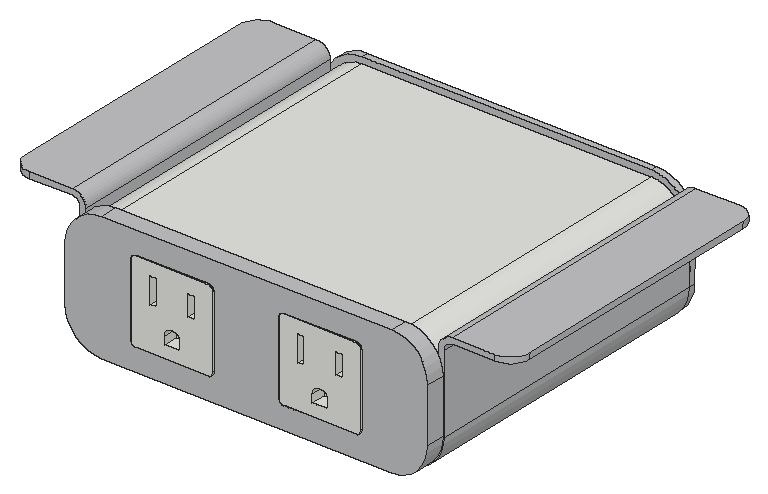
Revit family "Electrical-Teknion-YEBPW_Below_Power_Module_WE_Connect-R2023", category Furniture, Revit 2023 (continued)
Definition of nested family "Power"
  Automatic sketch dimensions
    curve 5 to plane 6 "Back" = 0.000"
    plane 7 "Front" to curve 10 = 0.000"
    curve 3 to plane 5 "Right" = 0.000"
    plane 4 "Left" to curve 5 = 0.23819"
    curve 5 to curve 6 = 0.08661"
    curve 7 to plane 3 "Center Left/Right" = 0.10236"
    plane 3 "Center Left/Right" to curve 8 = 0.10236"
    curve 8 to curve 9 = 0.10433"
    curve 9 to curve 10 = 0.08661"
Definition of nested family "Teknion_2D_Node_Family-R2016"
  Reference planes (in)
    plane 1 "Center (Front/Back)": y = 0
    plane 2: z = 0
    plane 3 "Center (Left/Right)": x = 0
  Lines and regions (in)
    detail lines, in view "Ref. Level"
      curve 1: circle (0, 0, 0) r 1.25 normal (0, 0, 1)
      curve 2: line (1.91508, -1.91508, 0) -> (-1.91508, 1.91508, 0)
      curve 3: line (-1.91508, -1.91508, 0) -> (1.91508, 1.91508, 0)
Types (5): name | Receptacle Finish | Rear - Power | Rear - HDMI | RD - 1 Power/ 1 HDMI/ 1 HDMI (Rear) | RC - 2 Power/ 1 Power (Rear) | RB - 1 Power/ 1 USB - A+C (18W)/ 1 Power (Rear) | RA - 1 Power/ 1 USB - A+C (65W)/ 1 Power (Rear) | Model | Front - USB (65W) | Front - USB (18W) | Front - Power 2 | Front - Power 1 | Front - HDMI | Faceplate Finish | Description | Bracket Finish
  (no name) | Plastic - Teknion - 8D - Atrium White | yes | no | no | yes | no | no | "YEBPWURC_" | no | no | yes | yes | no | Paint - Teknion - Mica - Platinum | "Below Power Module, WE Connect, Standard Undermount, 2 Power/ 1 Power (Rear) Configuration" | Paint - Teknion - Mica - Platinum
  1 Power/ 1 USB - A+C (65W)/ 1 Power (Rear) | Plastic - Teknion - YY - Ebony | yes | no | no | no | no | yes | "YEBPWURA_" | yes | no | yes | no | no | Paint - Teknion - Accent - Blue Sage | "Below Power Module, WE Connect, Standard Undermount, 1 Power/ 1 USB - A+C (65W)/ 1 Power (Rear) Configuration" | Paint - Teknion - Accent - Blue Sage
  1 Power/ 1 USB - A+C (18W)/ 1 Power (Rear) | Plastic - Teknion - 8D - Atrium White | yes | no | no | no | yes | no | "YEBPWURB_" | no | yes | yes | no | no | Paint - Teknion - Mica - Anthracite | "Below Power Module, WE Connect, Standard Undermount, 1 Power/ 1 USB - A+C (18W)/ 1 Power (Rear) Configuration" | Paint - Teknion - Mica - Anthracite
  2 Power/ 1 Power (Rear) | Plastic - Teknion - 8D - Atrium White | yes | no | no | yes | no | no | "YEBPWURC_" | no | no | yes | yes | no | Paint - Teknion - Mica - Platinum | "Below Power Module, WE Connect, Standard Undermount, 2 Power/ 1 Power (Rear) Configuration" | Paint - Teknion - Mica - Platinum
  1 Power/ 1 HDMI/ 1 HDMI (Rear) | Plastic - Teknion - YY - Ebony | no | yes | yes | no | no | no | "YEBPWURD_" | no | no | no | yes | yes | Paint - Teknion - Foundation - Earth | "Below Power Module, WE Connect, Standard Undermount, 1 Power/ 1 HDMI/ 1 HDMI (Rear) Configuration" | Paint - Teknion - Foundation - Earth
